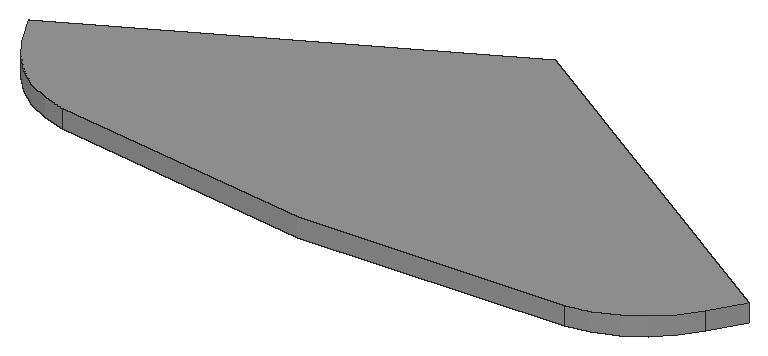
Revit family "Haworth_Epure_LinkingDesk_EU_PRELIMINARY", category Furniture, Revit 2019
Family settings
  OmniClass Number = 23.40.70.14.64.11
  OmniClass Title = Office Furniture
  Work Plane-Based = No
  Always vertical = Yes
  Cut with Voids When Loaded = No
  Shared = No
  Room Calculation Point = No
Parameters (values of type "138 x 80 - 120 Deg - squared")
  Squared Corners = yes
  Rounded Corners = not(Squared Corners)  # no
  Warranty = "http://www.haworth.com/resources/product-info/warranties"
  URL - Product = "https://www.haworth.com/eu/en/products/office-desks/epure-01.html"
  Type Comments = ""
  URL = "https://www.haworth.com/eu/en.html"
  Top Finish [instance] = Haworth _ Laminate _ Undecided _ Tables
  Size = "Verify Final Dim.w/ Haworth"  # constant formula
  Revision Number = "1"  # constant formula
  Model = "EULXX00X"  # constant formula
  Manufacturer = "Haworth"  # constant formula
  Leg Height = Actual Height - 3.5 cm  # 69.5 cm
  Description = "Haworth - Epure - Linking Desk"  # constant formula
  Author = "Haworth (Abd Rahman)"  # constant formula
  Assembly Code = "E2020200"
  Actual Width = 138 cm
  Actual Height = 73 cm  # constant formula
  Actual Depth = 80 cm
  80 x 80 - squared = no
  80 x 80 - rounded = no
  60 x 60 - squared = no
  60 x 60 - rounded = no
  138 x 80 - squared = yes
  138 x 80 - rounded = no
  104 x 60 - squared = no
  104 x 60 - rounded = no
Types (8, lengths in cm): name | Squared Corners | Rounded Corners | Actual Width | Actual Depth | 80 x 80 - squared | 80 x 80 - rounded | 60 x 60 - squared | 60 x 60 - rounded | 138 x 80 - squared | 138 x 80 - rounded | 104 x 60 - squared | 104 x 60 - rounded
  60 x 60 - 90 Deg - rounded | no | yes | 60 | 60 | no | no | no | yes | no | no | no | no
  60 x 60 - 90 Deg - squared | yes | no | 60 | 60 | no | no | yes | no | no | no | no | no
  80 x 80 - 90 Deg - rounded | no | yes | 80 | 80 | no | yes | no | no | no | no | no | no
  80 x 80 - 90 Deg - squared | yes | no | 80 | 80 | yes | no | no | no | no | no | no | no
  104 x 60 - 120 Deg - rounded | no | yes | 104 | 60 | no | no | no | no | no | no | no | yes
  104 x 60 - 120 Deg - squared | yes | no | 104 | 60 | no | no | no | no | no | no | yes | no
  138 x 80 - 120 Deg - rounded | no | yes | 138 | 80 | no | no | no | no | no | yes | no | no
  138 x 80 - 120 Deg - squared | yes | no | 138 | 80 | no | no | no | no | yes | no | no | no
Reference planes (cm)
  plane 1 "Center F/B": y = 17.4526
  plane 2: z = 0
  plane 3 "Center L/R": x = 11.43
  plane 4 "Top": z = 73
  plane 5 "Left": x = -57.57
  plane 6 "Right": x = 80.43
  plane 7 "Back": y = 57.4526
  plane 8 "Front": y = -22.5474
  plane 9: z = 70.5
  plane 10: z = 69.5
Dimensions and locks (cm)
  "Actual Height": plane 4 "Top" to level
  equal spacing: plane 7 "Back", plane 1 "Center F/B", plane 8 "Front"
  "Actual Depth": plane 7 "Back" to plane 8 "Front"
  equal spacing: plane 5 "Left", plane 3 "Center L/R", plane 6 "Right"
  "Actual Width": plane 5 "Left" to plane 6 "Right"
  plane 4 "Top" to plane 9 to plane 10 = 2.5 cm locked, 1 cm locked
  aligned and locked: plane 10 to nested 1
  aligned and locked: plane 3 "Center L/R" to nested 1
  aligned and locked: plane 1 "Center F/B" to nested 1
Nested families (cm)
  nested 1: "Haworth_Epure_Top_LinkingDeskEU-PART" at (67.1159, 24.6626, 25), Top Finish <- "Top Finish", type "Linking Top"
    with Top Finish Haworth _ Laminate _ Undecided _ Tables, 80 x 80 - squared no, 80 x 80 - rounded no, 60 x 60 - squared no, 60 x 60 - rounded no, 138 x 80 - rounded no, 104 x 60 - squared no, 104 x 60 - rounded no
Definition of nested family "Haworth_Epure_Top_LinkingDeskEU-PART"
  Parameters (values of type "Linking Top")
    Warranty = "http://www.haworth.com/resources/product-info/warranties"
    URL - Product = ""
    URL = "https://www.haworth.com/eu/en.html"
    Top Finish [instance] = none
    Thickness = 3.5 cm
    Size = "Verify Final Dim. w/ Haworth"  # constant formula
    Revision Number = "1"  # constant formula
    Model = ""
    Manufacturer = "Haworth"  # constant formula
    Description = ""
    Author = "Haworth (Abd Rahman)"  # constant formula
    Assembly Code = "E2020200"
    Actual Mounting Height = 45 cm
    80 x 80 - squared = yes
    80 x 80 - rounded = yes
    60 x 60 - squared = yes
    60 x 60 - rounded = yes
    138 x 80 - squared = yes
    138 x 80 - rounded = yes
    104 x 60 - squared = yes
    104 x 60 - rounded = yes
  Reference planes (cm)
    plane 1: z = -0.5
    plane 2 "Top of top": z = 48
    plane 3 "Bottom of top": z = 44.5
    plane 4: x = -132.6859
    plane 5: x = 21.3141
    plane 6: x = -55.6859
    plane 7: y = 63.79
    plane 8: y = -78.21
    plane 9: y = -7.21
  Forms (cm)
    Extrusion 1, solid, material <- "Top Finish", visible <- "60 x 60 - squared"
      sketch origin (248.4769, 181.4106, 0) x (1, 0, 0) y (0, 1, 0)
        loop
          line (-274.2628, -158.7206) -> (-334.0628, -158.7206) -> (-334.0628, -218.5206) -> (-327.0628, -218.5206)
          arc (-327.0628, -218.5206) -> (-318.4038, -216.9598) -> (-310.8346, -212.4739) r 24.8
          arc (-310.8346, -212.4739) -> (-295.0219, -197.7614) -> (-280.3095, -181.9488) r 299.8
          arc (-280.3095, -181.9488) -> (-275.8236, -174.3796) -> (-274.2628, -165.7206) r 24.8
          line (-274.2628, -165.7206) -> (-274.2628, -158.7206)
      from 44.5 to 48
    Extrusion 2, solid, material <- "Top Finish", visible <- "80 x 80 - squared"
      sketch origin (141.0164, 196.4106, 0) x (1, 0, 0) y (0, 1, 0)
        loop
          line (-156.8023, -163.7206) -> (-236.6023, -163.7206) -> (-236.6023, -243.5206) -> (-229.6023, -243.5206)
          arc (-229.6023, -243.5206) -> (-219.7692, -241.8515) -> (-211.0375, -237.0313) r 29.8
          arc (-211.0375, -237.0313) -> (-185.8161, -214.5068) -> (-163.2916, -189.2853) r 299.8
          arc (-163.2916, -189.2853) -> (-158.4714, -180.5537) -> (-156.8023, -170.7206) r 29.8
          line (-156.8023, -170.7206) -> (-156.8023, -163.7206)
      from 44.5 to 48
    Extrusion 3, solid, material <- "Top Finish", visible <- "104 x 60 - squared"
      sketch origin (16.0164, 201.5322, 0) x (1, 0, 0) y (0, 1, 0)
        loop
          line (-71.7023, -178.8999) -> (-123.3906, -208.7422) -> (-119.9906, -214.6312)
          arc (-119.9906, -214.6312) -> (-111.9466, -223.0778) -> (-100.931, -226.913) r 24.8
          arc (-100.931, -226.913) -> (-71.7023, -228.3412) -> (-42.4735, -226.913) r 299.8
          arc (-42.4735, -226.913) -> (-31.458, -223.0778) -> (-23.414, -214.6312) r 24.8
          line (-23.414, -214.6312) -> (-20.014, -208.7422) -> (-71.7023, -178.8999)
      from 44.5 to 48
    Extrusion 4, solid, material <- "Top Finish", visible <- "138 x 80 - squared"
      sketch origin (-144.6808, 196.5322, 0) x (1, 0, 0) y (0, 1, 0)
        loop
          line (88.9949, -163.8999) -> (19.986, -203.7422) -> (23.386, -209.6312)
          arc (23.386, -209.6312) -> (30.7748, -217.6407) -> (40.8836, -221.7097) r 24.8
          arc (40.8836, -221.7097) -> (88.9949, -225.5953) -> (137.1061, -221.7097) r 299.8
          arc (137.1061, -221.7097) -> (147.2149, -217.6407) -> (154.6037, -209.6312) r 24.8
          line (154.6037, -209.6312) -> (158.0037, -203.7422) -> (88.9949, -163.8999)
      from 44.5 to 48
    Extrusion 5, solid, material <- "Top Finish", visible <- "60 x 60 - rounded"
      sketch origin (248.4769, 181.4106, 0) x (1, 0, 0) y (0, 1, 0)
        loop
          line (-279.2628, -158.7206) -> (-329.0628, -158.7206)
          arc (-329.0628, -158.7206) -> (-332.5984, -160.185) -> (-334.0628, -163.7206) r 5
          line (-334.0628, -163.7206) -> (-334.0628, -213.5206)
          arc (-334.0628, -213.5206) -> (-332.5984, -217.0561) -> (-329.0628, -218.5206) r 5
          line (-329.0628, -218.5206) -> (-327.0628, -218.5206)
          arc (-327.0628, -218.5206) -> (-318.4038, -216.9598) -> (-310.8346, -212.4739) r 24.8
          arc (-310.8346, -212.4739) -> (-295.0219, -197.7614) -> (-280.3095, -181.9488) r 299.8
          arc (-280.3095, -181.9488) -> (-275.8236, -174.3796) -> (-274.2628, -165.7206) r 24.8
          line (-274.2628, -165.7206) -> (-274.2628, -163.7206)
          arc (-274.2628, -163.7206) -> (-275.7273, -160.185) -> (-279.2628, -158.7206) r 5
      from 44.5 to 48
    Extrusion 6, solid, material <- "Top Finish", visible <- "80 x 80 - rounded"
      sketch origin (141.0164, 196.4106, 0) x (1, 0, 0) y (0, 1, 0)
        loop
          line (-161.8023, -163.7206) -> (-231.6023, -163.7206)
          arc (-231.6023, -163.7206) -> (-235.1378, -165.185) -> (-236.6023, -168.7206) r 5
          line (-236.6023, -168.7206) -> (-236.6023, -238.5206)
          arc (-236.6023, -238.5206) -> (-235.1378, -242.0561) -> (-231.6023, -243.5206) r 5
          line (-231.6023, -243.5206) -> (-229.6023, -243.5206)
          arc (-229.6023, -243.5206) -> (-219.7692, -241.8515) -> (-211.0375, -237.0313) r 29.8
          arc (-211.0375, -237.0313) -> (-185.8161, -214.5068) -> (-163.2916, -189.2853) r 299.8
          arc (-163.2916, -189.2853) -> (-158.4714, -180.5537) -> (-156.8023, -170.7206) r 29.8
          line (-156.8023, -170.7206) -> (-156.8023, -168.7206)
          arc (-156.8023, -168.7206) -> (-158.2668, -165.185) -> (-161.8023, -163.7206) r 5
      from 44.5 to 48
    Extrusion 7, solid, material <- "Top Finish", visible <- "104 x 60 - rounded"
      sketch origin (16.0164, 201.5322, 0) x (1, 0, 0) y (0, 1, 0)
        loop
          line (-74.2023, -180.3433) -> (-119.0605, -206.2422)
          arc (-119.0605, -206.2422) -> (-121.3901, -209.2782) -> (-120.8906, -213.0723) r 5
          line (-120.8906, -213.0723) -> (-119.9906, -214.6312)
          arc (-119.9906, -214.6312) -> (-111.9466, -223.0778) -> (-100.931, -226.913) r 24.8
          arc (-100.931, -226.913) -> (-71.7023, -228.3412) -> (-42.4735, -226.913) r 299.8
          arc (-42.4735, -226.913) -> (-31.458, -223.0778) -> (-23.414, -214.6312) r 24.8
          line (-23.414, -214.6312) -> (-22.514, -213.0723)
          arc (-22.514, -213.0723) -> (-22.0145, -209.2782) -> (-24.3441, -206.2422) r 5
          line (-24.3441, -206.2422) -> (-69.2023, -180.3433)
          arc (-69.2023, -180.3433) -> (-71.7023, -179.6734) -> (-74.2023, -180.3433) r 5
      from 44.5 to 48
    Extrusion 8, solid, material <- "Top Finish", visible <- "138 x 80 - rounded"
      sketch origin (-144.6808, 196.5322, 0) x (1, 0, 0) y (0, 1, 0)
        loop
          line (86.4949, -165.3433) -> (24.3162, -201.2422)
          arc (24.3162, -201.2422) -> (21.9865, -204.2782) -> (22.486, -208.0723) r 5
          line (22.486, -208.0723) -> (23.386, -209.6312)
          arc (23.386, -209.6312) -> (30.7748, -217.6407) -> (40.8836, -221.7097) r 24.8
          arc (40.8836, -221.7097) -> (88.9949, -225.5953) -> (137.1061, -221.7097) r 299.8
          arc (137.1061, -221.7097) -> (147.2149, -217.6407) -> (154.6037, -209.6312) r 24.8
          line (154.6037, -209.6312) -> (155.5037, -208.0723)
          arc (155.5037, -208.0723) -> (156.0032, -204.2782) -> (153.6736, -201.2422) r 5
          line (153.6736, -201.2422) -> (91.4949, -165.3433)
          arc (91.4949, -165.3433) -> (88.9949, -164.6734) -> (86.4949, -165.3433) r 5
      from 44.5 to 48
  Lines and regions (cm)
    Masking region 1, visible <- "60 x 60 - rounded"
      outline origin (248.4769, 181.4106, 0) x (1, 0, 0) y (0, 1, 0)
        loop
          line (-279.2628, -158.7206) -> (-329.0628, -158.7206)
          arc (-329.0628, -158.7206) -> (-332.5984, -160.185) -> (-334.0628, -163.7206) r 5
          line (-334.0628, -163.7206) -> (-334.0628, -213.5206)
          arc (-334.0628, -213.5206) -> (-332.5984, -217.0561) -> (-329.0628, -218.5206) r 5
          line (-329.0628, -218.5206) -> (-327.0628, -218.5206)
          arc (-327.0628, -218.5206) -> (-318.4038, -216.9598) -> (-310.8346, -212.4739) r 24.8
          arc (-310.8346, -212.4739) -> (-295.0219, -197.7614) -> (-280.3095, -181.9488) r 299.8
          arc (-280.3095, -181.9488) -> (-275.8236, -174.3796) -> (-274.2628, -165.7206) r 24.8
          line (-274.2628, -165.7206) -> (-274.2628, -163.7206)
          arc (-274.2628, -163.7206) -> (-275.7273, -160.185) -> (-279.2628, -158.7206) r 5
    Masking region 2, visible <- "60 x 60 - squared"
      outline origin (248.4769, 181.4106, 0) x (1, 0, 0) y (0, 1, 0)
        loop
          line (-274.2628, -165.7206) -> (-274.2628, -158.7206) -> (-334.0628, -158.7206) -> (-334.0628, -218.5206) -> (-327.0628, -218.5206)
          arc (-327.0628, -218.5206) -> (-318.4038, -216.9598) -> (-310.8346, -212.4739) r 24.8
          arc (-310.8346, -212.4739) -> (-295.0219, -197.7614) -> (-280.3095, -181.9488) r 299.8
          arc (-280.3095, -181.9488) -> (-275.8236, -174.3796) -> (-274.2628, -165.7206) r 24.8
    Masking region 3, visible <- "80 x 80 - squared"
      outline origin (141.0164, 196.4106, 0) x (1, 0, 0) y (0, 1, 0)
        loop
          line (-156.8023, -170.7206) -> (-156.8023, -163.7206) -> (-236.6023, -163.7206) -> (-236.6023, -243.5206) -> (-229.6023, -243.5206)
          arc (-229.6023, -243.5206) -> (-219.7692, -241.8515) -> (-211.0375, -237.0313) r 29.8
          arc (-211.0375, -237.0313) -> (-185.8161, -214.5068) -> (-163.2916, -189.2853) r 299.8
          arc (-163.2916, -189.2853) -> (-158.4714, -180.5537) -> (-156.8023, -170.7206) r 29.8
    Masking region 4, visible <- "80 x 80 - rounded"
      outline origin (141.0164, 196.4106, 0) x (1, 0, 0) y (0, 1, 0)
        loop
          arc (-156.8023, -168.7206) -> (-158.2668, -165.185) -> (-161.8023, -163.7206) r 5
          line (-161.8023, -163.7206) -> (-231.6023, -163.7206)
          arc (-231.6023, -163.7206) -> (-235.1378, -165.185) -> (-236.6023, -168.7206) r 5
          line (-236.6023, -168.7206) -> (-236.6023, -238.5206)
          arc (-236.6023, -238.5206) -> (-235.1378, -242.0561) -> (-231.6023, -243.5206) r 5
          line (-231.6023, -243.5206) -> (-229.6023, -243.5206)
          arc (-229.6023, -243.5206) -> (-219.7692, -241.8515) -> (-211.0375, -237.0313) r 29.8
          arc (-211.0375, -237.0313) -> (-185.8161, -214.5068) -> (-163.2916, -189.2853) r 299.8
          arc (-163.2916, -189.2853) -> (-158.4714, -180.5537) -> (-156.8023, -170.7206) r 29.8
          line (-156.8023, -170.7206) -> (-156.8023, -168.7206)
    Masking region 5, visible <- "104 x 60 - squared"
      outline origin (16.0164, 201.5322, 0) x (1, 0, 0) y (0, 1, 0)
        loop
          line (-23.414, -214.6312) -> (-20.014, -208.7422) -> (-71.7023, -178.8999) -> (-123.3906, -208.7422) -> (-119.9906, -214.6312)
          arc (-119.9906, -214.6312) -> (-111.9466, -223.0778) -> (-100.931, -226.913) r 24.8
          arc (-100.931, -226.913) -> (-71.7023, -228.3412) -> (-42.4735, -226.913) r 299.8
          arc (-42.4735, -226.913) -> (-31.458, -223.0778) -> (-23.414, -214.6312) r 24.8
    Masking region 6, visible <- "104 x 60 - rounded"
      outline origin (16.0164, 201.5322, 0) x (1, 0, 0) y (0, 1, 0)
        loop
          arc (-22.514, -213.0723) -> (-22.0145, -209.2782) -> (-24.3441, -206.2422) r 5
          line (-24.3441, -206.2422) -> (-69.2023, -180.3433)
          arc (-69.2023, -180.3433) -> (-71.7023, -179.6734) -> (-74.2023, -180.3433) r 5
          line (-74.2023, -180.3433) -> (-119.0605, -206.2422)
          arc (-119.0605, -206.2422) -> (-121.3901, -209.2782) -> (-120.8906, -213.0723) r 5
          line (-120.8906, -213.0723) -> (-119.9906, -214.6312)
          arc (-119.9906, -214.6312) -> (-111.9466, -223.0778) -> (-100.931, -226.913) r 24.8
          arc (-100.931, -226.913) -> (-71.7023, -228.3412) -> (-42.4735, -226.913) r 299.8
          arc (-42.4735, -226.913) -> (-31.458, -223.0778) -> (-23.414, -214.6312) r 24.8
          line (-23.414, -214.6312) -> (-22.514, -213.0723)
    Masking region 7, visible <- "138 x 80 - squared"
      outline origin (-144.6808, 196.5322, 0) x (1, 0, 0) y (0, 1, 0)
        loop
          line (154.6037, -209.6312) -> (158.0037, -203.7422) -> (88.9949, -163.8999) -> (19.986, -203.7422) -> (23.386, -209.6312)
          arc (23.386, -209.6312) -> (30.7748, -217.6407) -> (40.8836, -221.7097) r 24.8
          arc (40.8836, -221.7097) -> (88.9949, -225.5953) -> (137.1061, -221.7097) r 299.8
          arc (137.1061, -221.7097) -> (147.2149, -217.6407) -> (154.6037, -209.6312) r 24.8
    Masking region 8, visible <- "138 x 80 - rounded"
      outline origin (-144.6808, 196.5322, 0) x (1, 0, 0) y (0, 1, 0)
        loop
          arc (155.5037, -208.0723) -> (156.0032, -204.2782) -> (153.6736, -201.2422) r 5
          line (153.6736, -201.2422) -> (91.4949, -165.3433)
          arc (91.4949, -165.3433) -> (88.9949, -164.6734) -> (86.4949, -165.3433) r 5
          line (86.4949, -165.3433) -> (24.3162, -201.2422)
          arc (24.3162, -201.2422) -> (21.9865, -204.2782) -> (22.486, -208.0723) r 5
          line (22.486, -208.0723) -> (23.386, -209.6312)
          arc (23.386, -209.6312) -> (30.7748, -217.6407) -> (40.8836, -221.7097) r 24.8
          arc (40.8836, -221.7097) -> (88.9949, -225.5953) -> (137.1061, -221.7097) r 299.8
          arc (137.1061, -221.7097) -> (147.2149, -217.6407) -> (154.6037, -209.6312) r 24.8
          line (154.6037, -209.6312) -> (155.5037, -208.0723)
  Dimensions and locks (cm)
    "Thickness": plane 2 "Top of top" to plane 3 "Bottom of top"
    "Actual Mounting Height": plane 3 "Bottom of top" to plane 1
    equal spacing: plane 4, plane 6, plane 5
    equal spacing: plane 8, plane 9, plane 7
    aligned and locked: Extrusion 7 to plane 3 "Bottom of top"
    aligned and locked: Extrusion 3 to plane 3 "Bottom of top"
    aligned and locked: Extrusion 8 to plane 3 "Bottom of top"
    aligned and locked: Extrusion 4 to plane 3 "Bottom of top"
    aligned and locked: Extrusion 6 to plane 3 "Bottom of top"
    aligned and locked: Extrusion 2 to plane 3 "Bottom of top"
    aligned and locked: Extrusion 5 to plane 3 "Bottom of top"
    aligned and locked: Extrusion 1 to plane 3 "Bottom of top"
    aligned and locked: plane 2 "Top of top" to Extrusion 7
    aligned and locked: plane 2 "Top of top" to Extrusion 3
    aligned and locked: plane 2 "Top of top" to Extrusion 8
    aligned and locked: plane 2 "Top of top" to Extrusion 4
    aligned and locked: plane 2 "Top of top" to Extrusion 6
    aligned and locked: plane 2 "Top of top" to Extrusion 2
    aligned and locked: plane 2 "Top of top" to Extrusion 5
    aligned and locked: plane 2 "Top of top" to Extrusion 1
  Automatic sketch dimensions
    Extrusion 1 sketch curve to plane 9 = 202.8497 cm
    plane 4 to Extrusion 1 sketch curve = 125.8497 cm
    Extrusion 1 sketch curve to plane 8 = 100.9 cm
    Extrusion 1 sketch curve to plane 4 = 47.1 cm
    Extrusion 1 sketch curve to Extrusion 1 sketch curve = 7 cm  (x2)
    Extrusion 1 sketch curve to Extrusion 1 sketch curve = 35 cm  (x2)
    Extrusion 1 sketch curve to Extrusion 1 sketch curve = 24.8 cm  (x2)
    Extrusion 1 sketch curve to Extrusion 1 sketch curve = 0 cm
    Extrusion 2 sketch curve to plane 9 = 201.1044 cm
    plane 4 to Extrusion 2 sketch curve = 124.1044 cm
    Extrusion 2 sketch curve to plane 4 = 37.1 cm
    Extrusion 2 sketch curve to Extrusion 2 sketch curve = 7 cm  (x2)
    Extrusion 2 sketch curve to Extrusion 2 sketch curve = 50 cm  (x2)
    Extrusion 2 sketch curve to plane 4 = 116.9 cm
    Extrusion 2 sketch curve to plane 8 = 110.9 cm
    Extrusion 2 sketch curve to Extrusion 2 sketch curve = 29.8 cm
    Extrusion 2 sketch curve to Extrusion 2 sketch curve = 0 cm
    Extrusion 3 sketch curve to plane 4 = 25.3117 cm
    Extrusion 3 sketch curve to Extrusion 3 sketch curve = 3.4 cm  (x2)
    Extrusion 3 sketch curve to Extrusion 3 sketch curve = 21.4774 cm  (x2)
    Extrusion 3 sketch curve to plane 7 = 209.201 cm
    Extrusion 3 sketch curve to plane 6 = 0 cm  (x2)
    plane 6 to Extrusion 3 sketch curve = 26.8109 cm
    Extrusion 3 sketch curve to plane 8 = 100.8423 cm
    Extrusion 3 sketch curve to Extrusion 3 sketch curve = 23.3312 cm  (x2)
    Extrusion 3 sketch curve to Extrusion 3 sketch curve = 6.511 cm  (x2)
    Extrusion 3 sketch curve to Extrusion 3 sketch curve = 0 cm
    plane 5 to Extrusion 4 sketch curve = 146.0088 cm
    plane 5 to Extrusion 4 sketch curve = 142.6088 cm
    plane 5 to Extrusion 4 sketch curve = 121.1314 cm
    Extrusion 4 sketch curve to plane 7 = 206.9469 cm
    plane 5 to Extrusion 4 sketch curve = 77 cm
    Extrusion 4 sketch curve to Extrusion 4 sketch curve = 44.1314 cm  (x2)
    Extrusion 4 sketch curve to Extrusion 4 sketch curve = 21.4774 cm
    Extrusion 4 sketch curve to Extrusion 4 sketch curve = 3.4 cm
    Extrusion 4 sketch curve to plane 8 = 110.8423 cm
    Extrusion 4 sketch curve to Extrusion 4 sketch curve = 33.3312 cm  (x2)
    Extrusion 4 sketch curve to Extrusion 4 sketch curve = 6.511 cm  (x2)
    Extrusion 4 sketch curve to Extrusion 4 sketch curve = 0 cm
    Extrusion 5 sketch curve to plane 9 = 202.8497 cm
    plane 4 to Extrusion 5 sketch curve = 125.8497 cm
    Extrusion 5 sketch curve to plane 8 = 95.9 cm
    Extrusion 5 sketch curve to plane 4 = 47.1 cm
    Extrusion 5 sketch curve to Extrusion 5 sketch curve = 5 cm  (x3)
    Extrusion 5 sketch curve to Extrusion 5 sketch curve = 2 cm  (x2)
    Extrusion 5 sketch curve to Extrusion 5 sketch curve = 30 cm  (x2)
    Extrusion 5 sketch curve to Extrusion 5 sketch curve = 19.8 cm  (x2)
    Extrusion 5 sketch curve to Extrusion 5 sketch curve = 0 cm
    Extrusion 6 sketch curve to plane 9 = 201.1044 cm
    plane 4 to Extrusion 6 sketch curve = 124.1044 cm
    Extrusion 6 sketch curve to plane 4 = 37.1 cm
    Extrusion 6 sketch curve to Extrusion 6 sketch curve = 5 cm  (x3)
    Extrusion 6 sketch curve to Extrusion 6 sketch curve = 2 cm  (x2)
    Extrusion 6 sketch curve to Extrusion 6 sketch curve = 45 cm  (x2)
    Extrusion 6 sketch curve to Extrusion 6 sketch curve = 24.8 cm  (x2)
    Extrusion 6 sketch curve to plane 8 = 110.9 cm
    Extrusion 6 sketch curve to Extrusion 6 sketch curve = 0 cm
    Extrusion 7 sketch curve to plane 4 = 27.8117 cm
    Extrusion 7 sketch curve to Extrusion 7 sketch curve = 0.9 cm  (x2)
    Extrusion 7 sketch curve to Extrusion 7 sketch curve = 1.8301 cm
    Extrusion 7 sketch curve to Extrusion 7 sketch curve = 2.5 cm  (x3)
    Extrusion 7 sketch curve to Extrusion 7 sketch curve = 18.0473 cm  (x2)
    Extrusion 7 sketch curve to plane 6 = 2.5 cm
    Extrusion 7 sketch curve to plane 7 = 209.201 cm
    Extrusion 7 sketch curve to plane 6 = 0 cm
    Extrusion 7 sketch curve to Extrusion 7 sketch curve = 5 cm
    plane 6 to Extrusion 7 sketch curve = 26.8109 cm
    Extrusion 7 sketch curve to Extrusion 7 sketch curve = 3.4301 cm
    Extrusion 7 sketch curve to plane 8 = 99.3989 cm
    Extrusion 7 sketch curve to Extrusion 7 sketch curve = 4.3301 cm  (x3)
    Extrusion 7 sketch curve to Extrusion 7 sketch curve = 17.5577 cm  (x2)
    Extrusion 7 sketch curve to Extrusion 7 sketch curve = 4.011 cm  (x2)
    Extrusion 7 sketch curve to Extrusion 7 sketch curve = 1.5588 cm  (x2)
    Extrusion 7 sketch curve to Extrusion 7 sketch curve = 0 cm
    plane 5 to Extrusion 8 sketch curve = 143.5088 cm
    Extrusion 8 sketch curve to Extrusion 8 sketch curve = 0.9 cm  (x2)
    plane 5 to Extrusion 8 sketch curve = 141.6787 cm
    Extrusion 8 sketch curve to Extrusion 8 sketch curve = 2.5 cm  (x3)
    Extrusion 8 sketch curve to Extrusion 8 sketch curve = 18.0473 cm  (x2)
    Extrusion 8 sketch curve to Extrusion 8 sketch curve = 41.6314 cm
    Extrusion 8 sketch curve to plane 7 = 206.9469 cm
    plane 5 to Extrusion 8 sketch curve = 77 cm
    Extrusion 8 sketch curve to Extrusion 8 sketch curve = 5 cm
    Extrusion 8 sketch curve to Extrusion 8 sketch curve = 44.1314 cm
    Extrusion 8 sketch curve to Extrusion 8 sketch curve = 3.4301 cm
    Extrusion 8 sketch curve to plane 8 = 109.3989 cm
    Extrusion 8 sketch curve to Extrusion 8 sketch curve = 4.3301 cm  (x3)
    Extrusion 8 sketch curve to Extrusion 8 sketch curve = 27.5577 cm  (x2)
    Extrusion 8 sketch curve to Extrusion 8 sketch curve = 4.011 cm  (x2)
    Extrusion 8 sketch curve to Extrusion 8 sketch curve = 1.5588 cm  (x2)
    Extrusion 8 sketch curve to Extrusion 8 sketch curve = 0 cm
    Masking region 1 sketch curve to plane 9 = 202.8497 cm
    plane 4 to Masking region 1 sketch curve = 125.8497 cm
    Masking region 1 sketch curve to plane 4 = 47.1 cm
    Masking region 1 sketch curve to Masking region 1 sketch curve = 5 cm  (x3)
    Masking region 1 sketch curve to Masking region 1 sketch curve = 2 cm  (x2)
    Masking region 1 sketch curve to Masking region 1 sketch curve = 30 cm  (x2)
    Masking region 1 sketch curve to Masking region 1 sketch curve = 19.8 cm  (x2)
    Masking region 1 sketch curve to plane 8 = 100.9 cm
    Masking region 1 sketch curve to Masking region 1 sketch curve = 0 cm
    Masking region 2 sketch curve to plane 9 = 202.8497 cm
    plane 4 to Masking region 2 sketch curve = 125.8497 cm
    Masking region 2 sketch curve to plane 4 = 47.1 cm
    Masking region 2 sketch curve to Masking region 2 sketch curve = 7 cm  (x2)
    Masking region 2 sketch curve to Masking region 2 sketch curve = 35 cm  (x2)
    Masking region 2 sketch curve to Masking region 2 sketch curve = 24.8 cm  (x2)
    Masking region 2 sketch curve to plane 8 = 100.9 cm
    Masking region 2 sketch curve to Masking region 2 sketch curve = 0 cm
    Masking region 3 sketch curve to plane 9 = 201.1044 cm
    plane 4 to Masking region 3 sketch curve = 124.1044 cm
    Masking region 3 sketch curve to plane 4 = 37.1 cm
    Masking region 3 sketch curve to Masking region 3 sketch curve = 7 cm  (x2)
    Masking region 3 sketch curve to Masking region 3 sketch curve = 50 cm  (x2)
    Masking region 3 sketch curve to plane 4 = 116.9 cm
    Masking region 3 sketch curve to plane 8 = 110.9 cm
    Masking region 3 sketch curve to Masking region 3 sketch curve = 29.8 cm
    Masking region 3 sketch curve to Masking region 3 sketch curve = 0 cm
    Masking region 4 sketch curve to plane 9 = 201.1044 cm
    plane 4 to Masking region 4 sketch curve = 124.1044 cm
    Masking region 4 sketch curve to plane 4 = 37.1 cm
    Masking region 4 sketch curve to Masking region 4 sketch curve = 5 cm  (x3)
    Masking region 4 sketch curve to Masking region 4 sketch curve = 2 cm  (x2)
    Masking region 4 sketch curve to Masking region 4 sketch curve = 45 cm  (x2)
    Masking region 4 sketch curve to Masking region 4 sketch curve = 24.8 cm  (x2)
    Masking region 4 sketch curve to plane 8 = 110.9 cm
    Masking region 4 sketch curve to Masking region 4 sketch curve = 0 cm
    Masking region 5 sketch curve to plane 4 = 25.3117 cm
    Masking region 5 sketch curve to Masking region 5 sketch curve = 3.4 cm  (x2)
    Masking region 5 sketch curve to Masking region 5 sketch curve = 21.4774 cm  (x2)
    Masking region 5 sketch curve to plane 7 = 209.201 cm
    Masking region 5 sketch curve to plane 6 = 0 cm  (x2)
    plane 6 to Masking region 5 sketch curve = 26.8109 cm
    Masking region 5 sketch curve to plane 8 = 100.8423 cm
    Masking region 5 sketch curve to Masking region 5 sketch curve = 23.3312 cm  (x2)
    Masking region 5 sketch curve to Masking region 5 sketch curve = 6.511 cm  (x2)
    Masking region 5 sketch curve to Masking region 5 sketch curve = 0 cm
    Masking region 6 sketch curve to plane 4 = 27.8117 cm
    Masking region 6 sketch curve to Masking region 6 sketch curve = 0.9 cm  (x2)
    Masking region 6 sketch curve to Masking region 6 sketch curve = 1.8301 cm
    Masking region 6 sketch curve to Masking region 6 sketch curve = 2.5 cm  (x3)
    Masking region 6 sketch curve to Masking region 6 sketch curve = 18.0473 cm  (x2)
    Masking region 6 sketch curve to plane 6 = 2.5 cm
    Masking region 6 sketch curve to plane 7 = 209.201 cm
    Masking region 6 sketch curve to plane 6 = 0 cm
    Masking region 6 sketch curve to Masking region 6 sketch curve = 5 cm
    plane 6 to Masking region 6 sketch curve = 26.8109 cm
    Masking region 6 sketch curve to Masking region 6 sketch curve = 3.4301 cm
    Masking region 6 sketch curve to plane 8 = 99.3989 cm
    Masking region 6 sketch curve to Masking region 6 sketch curve = 4.3301 cm  (x3)
    Masking region 6 sketch curve to Masking region 6 sketch curve = 17.5577 cm  (x2)
    Masking region 6 sketch curve to Masking region 6 sketch curve = 4.011 cm  (x2)
    Masking region 6 sketch curve to Masking region 6 sketch curve = 1.5588 cm  (x2)
    Masking region 6 sketch curve to Masking region 6 sketch curve = 0 cm
    plane 5 to Masking region 7 sketch curve = 146.0088 cm
    plane 5 to Masking region 7 sketch curve = 142.6088 cm
    plane 5 to Masking region 7 sketch curve = 121.1314 cm
    Masking region 7 sketch curve to plane 7 = 206.9469 cm
    plane 5 to Masking region 7 sketch curve = 77 cm
    Masking region 7 sketch curve to Masking region 7 sketch curve = 44.1314 cm  (x2)
    Masking region 7 sketch curve to Masking region 7 sketch curve = 21.4774 cm
    Masking region 7 sketch curve to Masking region 7 sketch curve = 3.4 cm
    Masking region 7 sketch curve to plane 8 = 110.8423 cm
    Masking region 7 sketch curve to Masking region 7 sketch curve = 33.3312 cm  (x2)
    Masking region 7 sketch curve to Masking region 7 sketch curve = 6.511 cm  (x2)
    Masking region 7 sketch curve to Masking region 7 sketch curve = 0 cm
    plane 5 to Masking region 8 sketch curve = 143.5088 cm
    Masking region 8 sketch curve to Masking region 8 sketch curve = 0.9 cm  (x2)
    plane 5 to Masking region 8 sketch curve = 141.6787 cm
    Masking region 8 sketch curve to Masking region 8 sketch curve = 4.3301 cm  (x4)
    Masking region 8 sketch curve to Masking region 8 sketch curve = 18.0473 cm  (x2)
    Masking region 8 sketch curve to Masking region 8 sketch curve = 41.6314 cm
    Masking region 8 sketch curve to Masking region 8 sketch curve = 2.5 cm  (x2)
    Masking region 8 sketch curve to plane 7 = 206.9469 cm
    plane 5 to Masking region 8 sketch curve = 77 cm
    Masking region 8 sketch curve to Masking region 8 sketch curve = 5 cm
    Masking region 8 sketch curve to Masking region 8 sketch curve = 44.1314 cm
    Masking region 8 sketch curve to Masking region 8 sketch curve = 3.4301 cm
    Masking region 8 sketch curve to plane 8 = 109.3989 cm
    Masking region 8 sketch curve to Masking region 8 sketch curve = 27.5577 cm  (x2)
    Masking region 8 sketch curve to Masking region 8 sketch curve = 4.011 cm  (x2)
    Masking region 8 sketch curve to Masking region 8 sketch curve = 1.5588 cm  (x2)
    Masking region 8 sketch curve to Masking region 8 sketch curve = 0 cm
